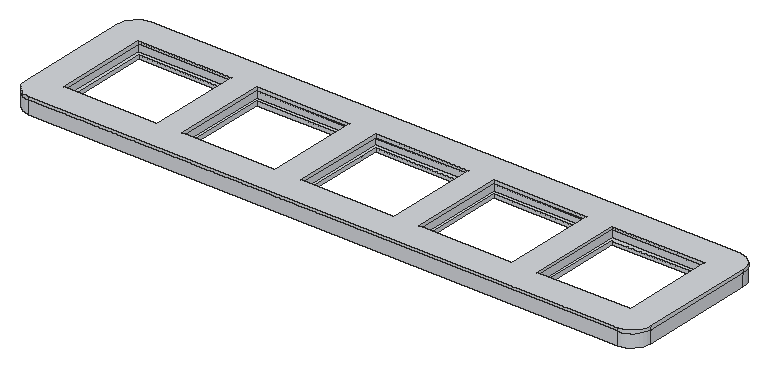
Revit family "Gira_0215412", category Electrical Fixtures, host Face, Revit 2017
Family settings
  Host = Face
  Maintain Annotation Orientation = No
  Round Connector Dimension = Use Diameter
  Part Type = Normal
  Cut with Voids When Loaded = No
  Shared = No
  Room Calculation Point = No
Parameters (values of type "Abdeckrahmen 5f Gira E3 Grau/Reinweiß")
  Werkstoffgüte = "sonstige"
  Werkstoff = "sonstige"
  URL = "http://katalog.gira.de/de_DE/datenblatt.html?artikelnr=0215412"
  Transparent = "No"
  Textfeld/Beschriftungsfläche = "No"
  Schutzart (IP) = "IP20"
  Region = "DE"
  Oberfläche = "sonstige"
  Name = "Abdeckrahmen 5f Gira E3 Grau/Reinweiß"
  Montagerichtung = "horizontal und vertikal"
  Mit Montagerahmen = "No"
  Mit Klappdeckel = "No"
  Manufacturer URL = "https://www.gira.de/"
  Keynote = "E3_Rahmen_5fach"
  HeinzeBIM = "https://bimportal.heinze.de/bim/abdeckrahmen-5f-gira-e3-grau-reinweiss/00cfe7bd6cb256b62273b17452c6ab62872bf765"
  Halogenfrei = "No"
  HAN = "0215412"
  Geeignet für Unterputz-Installation = "Yes"
  Geeignet für Unterflurkanaldose = "No"
  Geeignet für Geräteeinbaukanal = "No"
  Geeignet für Einbauinstallation = "No"
  GTIN = "4010337023937"
  Farbe = "grau"
  Default Elevation = 1219.2 mm
  Data sheet (1) = "https://katalog.gira.de/de_DE/download.html?artikelnr=0215412"
  Category = "Abdeckrahmen"
  Befestigungsart = "Klemmbefestigung"
  Available = "Yes"
  Anzahl der Einheiten vertikal = "5 "
  Anzahl der Einheiten horizontal = "5 "
  Anzahl der Einheiten = "5 "
Reference planes
  plane 1 "Center (Front/Back)": y = 0
  plane 2: z = 0
  plane 3 "Center (Left/Right)": x = 0
Forms (mm)
  Extrusion 1, solid, detail levels fine
    sketch origin (0, 0, 0) x (1, 0, 0) y (0, 1, 0)
      loop
        arc (-177.4, 45.809) -> (-185.185, 42.585) -> (-188.409, 34.8) r 11.009
        line (-188.409, 34.8) -> (-188.409, -34.8)
        arc (-188.409, -34.8) -> (-185.185, -42.585) -> (-177.4, -45.809) r 11.009
        line (-177.4, -45.809) -> (177.4, -45.809)
        arc (177.4, -45.809) -> (185.185, -42.585) -> (188.409, -34.8) r 11.009
        line (188.409, -34.8) -> (188.409, 34.8)
        arc (188.409, 34.8) -> (185.185, 42.585) -> (177.4, 45.809) r 11.009
        line (177.4, 45.809) -> (-177.4, 45.809)
      loop
        line (-114.5, 28.187) -> (-170.756, 28.187) -> (-170.756, -28.187) -> (-114.5, -28.187) -> (-114.5, 28.187)
      loop
        line (-99.6, 28.187) -> (-99.6, -28.187) -> (-43.344, -28.187) -> (-43.344, 28.187) -> (-99.6, 28.187)
      loop
        line (114.5, 28.187) -> (114.5, -28.187) -> (170.756, -28.187) -> (170.756, 28.187) -> (114.5, 28.187)
      loop
        line (28.301, 28.187) -> (-27.955, 28.187) -> (-27.955, -28.187) -> (28.301, -28.187) -> (28.301, 28.187)
      loop
        line (43.143, 28.187) -> (43.143, -28.187) -> (99.399, -28.187) -> (99.399, 28.187) -> (43.143, 28.187)
    from 7.65 to 9.5
  Extrusion 2, solid, detail levels fine
    sketch origin (-142.8, 0, 0) x (1, 0, 0) y (0, 1, 0)
      loop
        line (26.1, 25.7) -> (-25.7, 25.7) -> (-25.7, -25.7) -> (26.1, -25.7) -> (26.1, 25.7)
      loop
        line (-28.187, -28.156) -> (28.187, -28.156) -> (28.187, 28.156) -> (-28.187, 28.156) -> (-28.187, -28.156)
    from 1.65 to 3.9
  Extrusion 3, solid, detail levels fine
    sketch origin (0, 0, 0) x (1, 0, 0) y (0, 1, 0)
      loop
        arc (-177.4, 45.809) -> (-185.185, 42.585) -> (-188.409, 34.8) r 11.009
        line (-188.409, 34.8) -> (-188.409, -34.8)
        arc (-188.409, -34.8) -> (-185.185, -42.585) -> (-177.4, -45.809) r 11.009
        line (-177.4, -45.809) -> (177.4, -45.809)
        arc (177.4, -45.809) -> (185.185, -42.585) -> (188.409, -34.8) r 11.009
        line (188.409, -34.8) -> (188.409, 34.8)
        arc (188.409, 34.8) -> (185.185, 42.585) -> (177.4, 45.809) r 11.009
        line (177.4, 45.809) -> (-177.4, 45.809)
      loop
        line (-186.443, 34.785) -> (-186.443, -34.785)
        arc (-186.443, -34.785) -> (-183.79, -41.19) -> (-177.385, -43.843) r 9.058
        line (-177.385, -43.843) -> (177.385, -43.843)
        arc (177.385, -43.843) -> (183.79, -41.19) -> (186.443, -34.785) r 9.058
        line (186.443, -34.785) -> (186.443, 34.785)
        arc (186.443, 34.785) -> (183.79, 41.19) -> (177.385, 43.843) r 9.058
        line (177.385, 43.843) -> (-177.385, 43.843)
        arc (-177.385, 43.843) -> (-183.79, 41.19) -> (-186.443, 34.785) r 9.058
    from 0 to 7.65
  Extrusion 4, solid, detail levels fine
    sketch origin (-35.75, 0, 0) x (1, 0, 0) y (0, 1, 0)
      loop
        line (-134.256, -31.075) -> (205.755, -31.075)
        arc (205.755, -31.075) -> (208.399, -29.98) -> (209.494, -27.337) r 3.739
        line (209.494, -27.337) -> (209.494, 27.337)
        arc (209.494, 27.337) -> (208.399, 29.98) -> (205.755, 31.075) r 3.739
        line (205.755, 31.075) -> (-134.256, 31.075)
        arc (-134.256, 31.075) -> (-136.899, 29.98) -> (-137.994, 27.337) r 3.739
        line (-137.994, 27.337) -> (-137.994, -27.337)
        arc (-137.994, -27.337) -> (-136.899, -29.98) -> (-134.256, -31.075) r 3.739
      loop
        line (-136.844, 27.537) -> (-136.844, -27.537)
        arc (-136.844, -27.537) -> (-136.145, -29.226) -> (-134.456, -29.925) r 2.389
        line (-134.456, -29.925) -> (205.955, -29.925)
        arc (205.955, -29.925) -> (207.644, -29.226) -> (208.344, -27.537) r 2.389
        line (208.344, -27.537) -> (208.344, 27.537)
        arc (208.344, 27.537) -> (207.644, 29.226) -> (205.955, 29.925) r 2.389
        line (205.955, 29.925) -> (-134.456, 29.925)
        arc (-134.456, 29.925) -> (-136.145, 29.226) -> (-136.844, 27.537) r 2.389
    from 1.65 to 7.65
  Extrusion 5, solid, detail levels fine
    sketch origin (0, 0, 0) x (1, 0, 0) y (0, 1, 0)
      loop
        line (-174.653, -39.8) -> (174.653, -39.8)
        arc (174.653, -39.8) -> (180.267, -36.708) -> (182.5, -30.7) r 9.2
        line (182.5, -30.7) -> (182.5, 30.7)
        arc (182.5, 30.7) -> (179.805, 37.205) -> (173.3, 39.9) r 9.2
        line (173.3, 39.9) -> (-173.3, 39.9)
        arc (-173.3, 39.9) -> (-179.805, 37.205) -> (-182.5, 30.7) r 9.2
        line (-182.5, 30.7) -> (-182.5, -30.7)
        arc (-182.5, -30.7) -> (-180.267, -36.708) -> (-174.653, -39.8) r 9.2
      loop
        line (-173.3, -31.7) -> (173.3, -31.7)
        arc (173.3, -31.7) -> (174.007, -31.407) -> (174.3, -30.7) r 1
        line (174.3, -30.7) -> (174.3, 30.7)
        arc (174.3, 30.7) -> (174.007, 31.407) -> (173.3, 31.7) r 1
        line (173.3, 31.7) -> (-173.3, 31.7)
        arc (-173.3, 31.7) -> (-174.007, 31.407) -> (-174.3, 30.7) r 1
        line (-174.3, 30.7) -> (-174.3, -30.7)
        arc (-174.3, -30.7) -> (-174.007, -31.407) -> (-173.3, -31.7) r 1
    from 1.65 to 3.9
  Extrusion 6, solid, detail levels fine
    sketch origin (-142.8, 0, 0) x (1, 0, 0) y (0, 1, 0)
      loop
        line (-28.187, 28.156) -> (-28.187, -28.156) -> (28.187, -28.156) -> (28.187, 28.156) -> (-28.187, 28.156)
      loop
        line (-29.925, 29.925) -> (-29.925, -29.925) -> (29.925, -29.925) -> (29.925, 29.925) -> (-29.925, 29.925)
    from 1.65 to 7.65
  Extrusion 7, solid, detail levels coarse+medium
    sketch origin (0, 0, 0) x (1, 0, 0) y (0, 1, 0)
      loop
        line (-188.409, 45.809) -> (-188.409, -45.809) -> (188.409, -45.809) -> (188.409, 45.809) -> (-188.409, 45.809)
    from 0 to 9.5
  Extrusion 8, solid, detail levels fine
    sketch origin (-71.3, 0, 0) x (-1, 0, 0) y (0, -1, 0)
      loop
        line (25.9, -25.7) -> (25.9, 25.7) -> (-25.9, 25.7) -> (-25.9, -25.7) -> (25.9, -25.7)
      loop
        line (-28.187, 28.156) -> (-28.187, -28.156) -> (28.187, -28.156) -> (28.187, 28.156) -> (-28.187, 28.156)
    from 1.65 to 3.9
  Extrusion 9, solid, detail levels fine
    sketch origin (-71.3, 0, 0) x (-1, 0, 0) y (0, -1, 0)
      loop
        line (-28.187, -28.156) -> (28.187, -28.156) -> (28.187, 28.156) -> (-28.187, 28.156) -> (-28.187, -28.156)
      loop
        line (-29.925, -29.925) -> (29.925, -29.925) -> (29.925, 29.925) -> (-29.925, 29.925) -> (-29.925, -29.925)
    from 1.65 to 7.65
  Extrusion 10, solid, detail levels fine
    sketch origin (0.2, 0, 0) x (-1, 0, 0) y (0, -1, 0)
      loop
        line (26.1, -25.7) -> (26.1, 25.7) -> (-25.7, 25.7) -> (-25.7, -25.7) -> (26.1, -25.7)
      loop
        line (-28.187, 28.156) -> (-28.187, -28.156) -> (28.187, -28.156) -> (28.187, 28.156) -> (-28.187, 28.156)
    from 1.65 to 3.9
  Extrusion 11, solid, detail levels fine
    sketch origin (0.2, 0, 0) x (-1, 0, 0) y (0, -1, 0)
      loop
        line (-28.187, -28.156) -> (28.187, -28.156) -> (28.187, 28.156) -> (-28.187, 28.156) -> (-28.187, -28.156)
      loop
        line (-29.925, -29.925) -> (29.925, -29.925) -> (29.925, 29.925) -> (-29.925, 29.925) -> (-29.925, -29.925)
    from 1.65 to 7.65
  Extrusion 12, solid, detail levels fine
    sketch origin (71.5, 0, 0) x (-1, 0, 0) y (0, -1, 0)
      loop
        line (26.1, -25.7) -> (26.1, 25.7) -> (-25.7, 25.7) -> (-25.7, -25.7) -> (26.1, -25.7)
      loop
        line (-28.187, 28.156) -> (-28.187, -28.156) -> (28.187, -28.156) -> (28.187, 28.156) -> (-28.187, 28.156)
    from 1.65 to 3.9
  Extrusion 13, solid, detail levels fine
    sketch origin (71.5, 0, 0) x (-1, 0, 0) y (0, -1, 0)
      loop
        line (-28.187, -28.156) -> (28.187, -28.156) -> (28.187, 28.156) -> (-28.187, 28.156) -> (-28.187, -28.156)
      loop
        line (-29.925, -29.925) -> (29.925, -29.925) -> (29.925, 29.925) -> (-29.925, 29.925) -> (-29.925, -29.925)
    from 1.65 to 7.65
  Extrusion 14, solid, detail levels fine
    sketch origin (142.8, 0, 0) x (-1, 0, 0) y (0, -1, 0)
      loop
        line (26.1, -25.7) -> (26.1, 25.7) -> (-25.7, 25.7) -> (-25.7, -25.7) -> (26.1, -25.7)
      loop
        line (-28.187, 28.156) -> (-28.187, -28.156) -> (28.187, -28.156) -> (28.187, 28.156) -> (-28.187, 28.156)
    from 1.65 to 3.9
  Extrusion 15, solid, detail levels fine
    sketch origin (142.8, 0, 0) x (-1, 0, 0) y (0, -1, 0)
      loop
        line (-28.187, -28.156) -> (28.187, -28.156) -> (28.187, 28.156) -> (-28.187, 28.156) -> (-28.187, -28.156)
      loop
        line (-29.925, -29.925) -> (29.925, -29.925) -> (29.925, 29.925) -> (-29.925, 29.925) -> (-29.925, -29.925)
    from 1.65 to 7.65
Dimensions and locks
  aligned and locked: plane 2 to host face
  aligned and locked: level to host face
